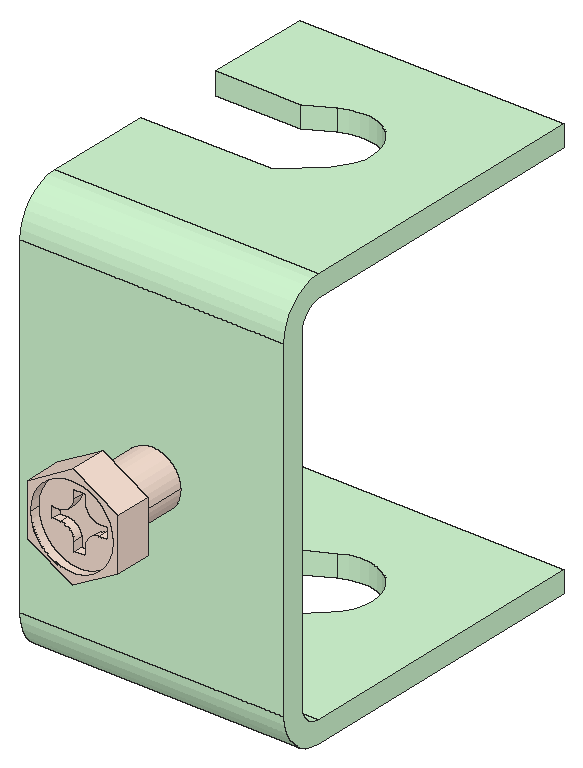
Revit family "channelholder3-2", category 機械設備, Revit 2022
Family settings
  丸型コネクタ寸法 = 直径を使用
  種別 = なし
  パーツ タイプ = 標準
  作業面ベース = いいえ
  常に垂直 = はい
  ロード時にボイドで切り取り = いいえ
  注釈の向きを維持 = いいえ
  共有 = いいえ
  部屋計算ポイント = いいえ
Parameters
  製造元 = "株式会社桐井製作所"
  既定の高さ = 0 mm
  URL = "https://www.kirii.co.jp/"
  K_品名 = "チャンネルホルダー　3/8”(3分)、1/4”(2分)兼用"
  K_名称 = "振れ止め用金具"
  K_入数 = "300"
  K_バージョン情報 = "20211012"
Reference planes
  plane 1 "中心(正面/背面)": y = 0
  plane 2: z = 0
  plane 3 "中心(左/右)": x = 0
Forms (mm)
  Extrusion 1, solid
    sketch origin (0, 0, 0) x (0, 1, 0) y (0, 0, 1)
      loop
        arc (2.3, 22.3) -> (-0.953, 20.953) -> (-2.3, 17.7) r 4.6
        line (-2.3, 17.7) -> (-2.3, -17.7)
        arc (-2.3, -17.7) -> (-0.953, -20.953) -> (2.3, -22.3) r 4.6
        line (2.3, -22.3) -> (34.7, -22.3) -> (34.7, -20) -> (2.3, -20)
        arc (2.3, -20) -> (0.674, -19.326) -> (0, -17.7) r 2.3
        line (0, -17.7) -> (0, 17.7)
        arc (0, 17.7) -> (0.674, 19.326) -> (2.3, 20) r 2.3
        line (2.3, 20) -> (34.7, 20) -> (34.7, 22.3) -> (2.3, 22.3)
    from -14 to 14
  Blend 2, solid
    base sketch origin (0, 0, 0) x (1, 0, 0) y (0, 0, 1)
      loop
        circle (0, 0) r 7
    top sketch origin (0, 0, 0) x (1, 0, 0) y (0, 0, 1)
      loop
        circle (0, 0) r 4.925
    from 0 to -2.257
  Extrusion 3, void
    sketch origin (0, 0, 0) x (1, 0, 0) y (0, 0, 1)
      loop
        circle (0, 0) r 3
    from 2.3 to -2.3
  Extrusion 4, void
    sketch origin (0, 0, 0) x (1, 0, 0) y (0, 1, 0)
      loop
        line (-14, 23.7) -> (-14, 13.7) -> (0, 13.7) -> (3.499, 17.129)
        arc (3.499, 17.129) -> (4.033, 23.656) -> (-2.353, 25.112) r 5
        line (-2.353, 25.112) -> (-5, 23.7) -> (-14, 23.7)
    from 20 to 22.3
  Extrusion 5, void
    sketch origin (0, 0, -42.3) x (1, 0, 0) y (0, 1, 0)
      loop
        line (-14, 23.7) -> (-14, 13.7) -> (0, 13.7) -> (3.499, 17.129)
        arc (3.499, 17.129) -> (4.033, 23.656) -> (-2.353, 25.112) r 5
        line (-2.353, 25.112) -> (-5, 23.7) -> (-14, 23.7)
    from 20 to 22.3
Cuts and joins
  Extrusion 3, Extrusion 4, Extrusion 5 cuts Extrusion 1
  Extrusion 3, Extrusion 4, Extrusion 5 cuts Blend 2
  joined: Extrusion 1, Blend 2
Dimensions and locks
  aligned and locked: level to plane 2
Nested families
  nested 1: "M6×20ボルト" at (0.011, -8.871, 0.2), type "M6×20ボルト"
Definition of nested family "M6×20ボルト"
  Parameters (values of type "M6×20ボルト")
    Manufacturer = "株式会社桐井製作所"
    Default Elevation = 0 mm
    URL = "https://www.kirii.co.jp/"
    K_名称 = "M6×20ボルト"
  Reference planes
    plane 1 "中心(正面/背面)": y = 0
    plane 2: z = 0
    plane 3 "中心(左/右)": x = 0
    plane 4 "正面": y = -4
  Forms (mm)
    Extrusion 1, solid
      sketch origin (0, 0, 0) x (1, 0, 0) y (0, 0, 1)
        loop
          line (-4.763, -2.946) -> (0, -5.696) -> (4.763, -2.946) -> (4.763, 2.554) -> (0, 5.304) -> (-4.763, 2.554) -> (-4.763, -2.946)
      from 0 to 4
    Extrusion 2, void
      sketch origin (0, -4, 0) x (-1, 0, 0) y (0, 0, 1)
        loop
          circle (0, -0.156) r 4.396
      from 0 to 1
    Extrusion 3, void
      sketch origin (0, -4, 0) x (-1, 0, 0) y (0, 0, 1)
        loop
          arc (-0.6, 1.814) -> (-1.069, 0.856) -> (-2.036, 0.404) r 1.605
          line (-2.036, 0.404) -> (-2.939, 0.404)
          arc (-2.939, 0.404) -> (-3, -0.195) -> (-2.94, -0.795) r 3
          line (-2.94, -0.795) -> (-2.049, -0.795)
          arc (-2.049, -0.795) -> (-1.074, -1.243) -> (-0.6, -2.206) r 1.605
          line (-0.6, -2.206) -> (-0.6, -3.135)
          arc (-0.6, -3.135) -> (0, -3.196) -> (0.6, -3.135) r 3
          line (0.6, -3.135) -> (0.6, -2.206)
          arc (0.6, -2.206) -> (1.074, -1.243) -> (2.049, -0.795) r 1.605
          line (2.049, -0.795) -> (2.94, -0.795)
          arc (2.94, -0.795) -> (3, -0.198) -> (2.941, 0.398) r 3
          line (2.941, 0.398) -> (2.117, 0.398)
          arc (2.117, 0.398) -> (1.098, 0.828) -> (0.6, 1.814) r 1.605
          line (0.6, 1.814) -> (0.6, 2.743)
          arc (0.6, 2.743) -> (0, 2.804) -> (-0.6, 2.743) r 3
          line (-0.6, 2.743) -> (-0.6, 1.814)
      from 0 to 2
    Extrusion 4, solid
      sketch origin (0, 0, 0) x (1, 0, 0) y (0, 0, 1)
        loop
          circle (-0.011, -0.2) r 3
      from 0 to -20
  Cuts and joins
    Extrusion 2, Extrusion 3 cuts Extrusion 1
    joined: Extrusion 1, Extrusion 4
  Dimensions and locks
    aligned and locked: level to plane 2
